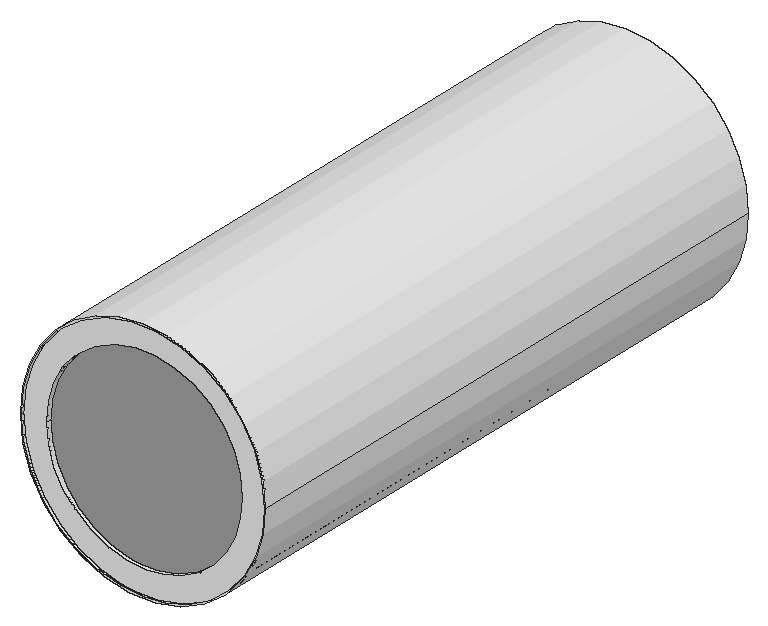
Revit family "02.Wichmann Kabelbox WD90 rund_WAND", category Mechanical Equipment, host Wall, Revit 2018
Family settings
  Host = Wall
  Round Connector Dimension = Use Diameter
  Classification = None
  Part Type = Normal
  OmniClass Number = 23.30.20.00
  OmniClass Title = Windows
  Always vertical = Yes
  Cut with Voids When Loaded = No
  Shared = No
  Room Calculation Point = No
Parameters (values of type "Kabelbox WD90 rund, 110x270 mm")
  Werkstoff = Stahl
  HAN = "00R110"
  Durchmesser_1 = Durchmesser - 1 mm  # 109 mm
  Durchmesser = 110 mm
  Diameter inside = 88 mm
  Durchmesser Rohbau = 130 mm
  Bautiefe = 270 mm
Types (13, lengths in mm): name | HAN | Durchmesser_1 | Durchmesser | Diameter inside | Durchmesser Rohbau
  Kabelbox WD90 rund, 70x270 mm | "00R70" | 69 | 70 | 56 | 90
  Kabelbox WD90 rund, 80x270 mm | "00R80" | 79 | 80 | 64 | 100
  Kabelbox WD90 rund, 90x270 mm | "00R90" | 89 | 90 | 72 | 110
  Kabelbox WD90 rund, 100x270 mm | "00R100" | 99 | 100 | 80 | 120
  Kabelbox WD90 rund, 110x270 mm | "00R110" | 109 | 110 | 88 | 130
  Kabelbox WD90 rund, 120x270 mm | "00R120" | 119 | 120 | 96 | 140
  Kabelbox WD90 rund, 130x270 mm | "00R130" | 129 | 130 | 104 | 150
  Kabelbox WD90 rund, 140x270 mm | "00R140" | 139 | 140 | 112 | 160
  Kabelbox WD90 rund, 150x270 mm | "00R150" | 149 | 150 | 120 | 170
  Kabelbox WD90 rund, 180x270 mm | "00R180" | 179 | 180 | 144 | 200
  Kabelbox WD90 rund, 200x270 mm | "00R200" | 199 | 200 | 160 | 220
  Kabelbox WD90 rund, 230x270 mm | "00R230" | 229 | 230 | 184 | 250
  Kabelbox WD90 rund, 250x270 mm | "00R250" | 249 | 250 | 200 | 270
Reference planes
  plane 1 "Wall": y = 0
  plane 2 "Center (Left/Right)": x = 125
  plane 3 "Back": y = 75
  plane 4: z = 593.569
  plane 5: y = 135
  plane 6: y = -135
  plane 7: x = 60
  plane 8: x = 190
  plane 9: x = 70
  plane 10: x = 180
  plane 11: z = 648.569
  plane 12: z = 538.569
Forms (mm)
  Extrusion 1, solid, not visible
    sketch origin (81, 0, 597.569) x (0, 0, -1) y (0, 1, 0)
      loop
        line (0, -134) -> (1.043, -134) -> (1.043, -133.063) -> (12.5, -130.97) -> (12.5, -130) -> (0, -130) -> (0, -134)
    from 0 to 88
  Extrusion 2, solid, not visible
    sketch origin (81, 0, 539.569) x (0, 0, 1) y (0, -1, 0)
      loop
        line (0, 134) -> (0, 130) -> (12.5, 130) -> (12.5, 130.97) -> (1.043, 133.063) -> (1.043, 134) -> (0, 134)
    from 0 to 88
  Extrusion 3, solid, not visible
    sketch origin (169, 0, 521.819) x (-1, 0, 0) y (0, -1, 0)
      loop
        line (0, 134) -> (0, 130) -> (14, 130) -> (14, 130.969) -> (1.043, 133.062) -> (1.043, 134) -> (0, 134)
    from 17.75 to 75.75
  Extrusion 4, solid, not visible
    sketch origin (81, 0, 521.819) x (1, 0, 0) y (0, 1, 0)
      loop
        line (0, -134) -> (1.043, -134) -> (1.043, -133.04) -> (14, -130.947) -> (14, -130) -> (0, -130) -> (0, -134)
    from 17.75 to 75.75
  Extrusion 5, solid, material "Brandschutzeinlage", not visible, detail levels medium+fine
    sketch origin (81, 2.5, 597.569) x (0, 0, -1) y (0, 1, 0)
      loop
        line (0, -151.5) -> (1.043, -151.5) -> (1.043, -150.563) -> (12.5, -148.47) -> (12.5, -147.5) -> (0, -147.5) -> (0, -151.5)
    from 0 to 88
  Extrusion 6, solid, material "Brandschutzeinlage", not visible, detail levels medium+fine
    sketch origin (81, 2.5, 539.569) x (0, 0, 1) y (0, -1, 0)
      loop
        line (0, 151.5) -> (0, 147.5) -> (12.5, 147.5) -> (12.5, 148.47) -> (1.043, 150.563) -> (1.043, 151.5) -> (0, 151.5)
    from 0 to 88
  Extrusion 7, solid, material "Brandschutzeinlage", not visible, detail levels medium+fine
    sketch origin (169, 2.5, 521.819) x (-1, 0, 0) y (0, -1, 0)
      loop
        line (0, 151.5) -> (0, 147.5) -> (14, 147.5) -> (14, 148.469) -> (1.043, 150.562) -> (1.043, 151.5) -> (0, 151.5)
    from 17.75 to 75.75
  Extrusion 8, solid, material "Brandschutzeinlage", not visible, detail levels medium+fine
    sketch origin (81, 2.5, 521.819) x (1, 0, 0) y (0, 1, 0)
      loop
        line (0, -151.5) -> (1.043, -151.5) -> (1.043, -150.54) -> (14, -148.447) -> (14, -147.5) -> (0, -147.5) -> (0, -151.5)
    from 17.75 to 75.75
  Extrusion 9, solid, material "EasyFoam"
    sketch origin (0, 0, 0) x (1, 0, 0) y (0, 0, 1)
      loop
        circle (125, 593.569) r 44
    from -132 to 132
  Extrusion 10, solid, material "Stahl" <- "Werkstoff"
    sketch origin (0, 0, 0) x (1, 0, 0) y (0, 0, 1)
      loop
        circle (125, 593.569) r 55
      loop
        circle (125, 593.569) r 54.5
    from -135 to 135
  Extrusion 11, solid, material "Brandschutzeinlage"
    sketch origin (0, 0, 0) x (1, 0, 0) y (0, 0, 1)
      loop
        circle (125, 593.569) r 54.5
      loop
        circle (125, 593.569) r 44
    from -134 to 134
Lines and regions (mm)
  Opening 1
    outline origin (-5000, -75, 0) x (1, 0, 0) y (0, 0, 1)
      loop
        circle (5125, 593.569) r 65
Text (mm)
  text "Placement Side" at (-1848.837, 1116.779, 0), in view "Ref. Level"
  text "Placement side" at (0, 1409.804, 2854.306), in view "Left"
  text "Placement side" at (0, 499.811, 2980.732), in view "Right"
Dimensions and locks
  locked: plane 3 "Back" to host wall
  equal spacing: plane 5, plane 1 "Wall", plane 6
  "Bautiefe": plane 5 to plane 6
  locked: plane 5 to Extrusion 11 at 1
  locked: Extrusion 11 to plane 6 at 1
  locked: Extrusion 9 to plane 6 at 3
  locked: plane 5 to Extrusion 9 at 3
  level to plane 4 = 593.569 mm
  equal spacing: plane 7, plane 2 "Center (Left/Right)", plane 8
  "Durchmesser Rohbau": plane 7 to plane 8
  plane 4 to level = 593.569 mm
  equal spacing: plane 9, plane 2 "Center (Left/Right)", plane 10
  "Durchmesser": plane 9 to plane 10
  equal spacing: plane 12, plane 4, plane 11
  "Durchmesser": plane 11 to plane 12
  "Durchmesser Rohbau": diameter of Opening 1 sketch curve
  "Diameter inside": diameter of Extrusion 9 sketch curve
  "Durchmesser": diameter of Extrusion 10 sketch curve
  "Durchmesser_1": diameter of Extrusion 10 sketch curve
  "Diameter inside": diameter of Extrusion 11 sketch curve
  "Durchmesser_1": diameter of Extrusion 11 sketch curve
  aligned and locked: plane 1 "Wall" to host wall
  aligned and locked: Extrusion 10 to plane 5
  aligned and locked: Extrusion 10 to plane 6
  aligned and locked: host wall to nested 1  (x2)
  aligned and locked: plane 9 to nested 1
  aligned and locked: plane 10 to nested 1
  aligned and locked: nested 2 to host wall
  aligned and locked: plane 11 to nested 2
  aligned and locked: plane 6 to nested 2
  aligned and locked: plane 12 to nested 2
  aligned and locked: nested 3 to plane 9
  aligned and locked: nested 3 to plane 12
  aligned and locked: nested 3 to plane 11
  aligned and locked: nested 3 to plane 10
Automatic sketch dimensions
  Extrusion 1 sketch curve to Extrusion 1 sketch curve = 0.97 mm
  Extrusion 2 sketch curve to Extrusion 2 sketch curve = 1.043 mm
  Extrusion 2 sketch curve to Extrusion 2 sketch curve = 0.97 mm
  Extrusion 2 sketch curve to Extrusion 2 sketch curve = 0.937 mm
  Extrusion 3 sketch curve to Extrusion 3 sketch curve = 1.043 mm
  Extrusion 3 sketch curve to Extrusion 3 sketch curve = 0.969 mm
  Extrusion 3 sketch curve to Extrusion 3 sketch curve = 0.938 mm
  Extrusion 4 sketch curve to Extrusion 4 sketch curve = 0.96 mm
  Extrusion 4 sketch curve to Extrusion 4 sketch curve = 1.043 mm
  Extrusion 4 sketch curve to Extrusion 4 sketch curve = 12.957 mm
  Extrusion 4 sketch curve to Extrusion 4 sketch curve = 2.093 mm
  Extrusion 4 sketch curve to Extrusion 4 sketch curve = 3.04 mm
  Extrusion 1 sketch curve to Extrusion 1 sketch curve = 1.043 mm
  Extrusion 1 sketch curve to Extrusion 1 sketch curve = 11.457 mm
  Extrusion 1 sketch curve to Extrusion 1 sketch curve = 0.937 mm
  Extrusion 1 sketch curve to Extrusion 1 sketch curve = 2.093 mm
  Extrusion 2 sketch curve to Extrusion 2 sketch curve = 11.457 mm
  Extrusion 2 sketch curve to Extrusion 2 sketch curve = 3.063 mm
  Extrusion 3 sketch curve to Extrusion 3 sketch curve = 12.957 mm
  Extrusion 3 sketch curve to Extrusion 3 sketch curve = 3.062 mm
  Extrusion 5 sketch curve to Extrusion 5 sketch curve = 0.97 mm
  Extrusion 6 sketch curve to Extrusion 6 sketch curve = 1.043 mm
  Extrusion 6 sketch curve to Extrusion 6 sketch curve = 0.97 mm
  Extrusion 6 sketch curve to Extrusion 6 sketch curve = 0.937 mm
  Extrusion 7 sketch curve to Extrusion 7 sketch curve = 1.043 mm
  Extrusion 7 sketch curve to Extrusion 7 sketch curve = 0.969 mm
  Extrusion 7 sketch curve to Extrusion 7 sketch curve = 0.938 mm
  Extrusion 8 sketch curve to Extrusion 8 sketch curve = 0.96 mm
  Extrusion 8 sketch curve to Extrusion 8 sketch curve = 1.043 mm
  Extrusion 8 sketch curve to Extrusion 8 sketch curve = 12.957 mm
  Extrusion 8 sketch curve to Extrusion 8 sketch curve = 2.093 mm
  Extrusion 8 sketch curve to Extrusion 8 sketch curve = 3.04 mm
  Extrusion 5 sketch curve to Extrusion 5 sketch curve = 1.043 mm
  Extrusion 5 sketch curve to Extrusion 5 sketch curve = 11.457 mm
  Extrusion 5 sketch curve to Extrusion 5 sketch curve = 0.937 mm
  Extrusion 5 sketch curve to Extrusion 5 sketch curve = 2.093 mm
  Extrusion 6 sketch curve to Extrusion 6 sketch curve = 11.457 mm
  Extrusion 6 sketch curve to Extrusion 6 sketch curve = 3.063 mm
  Extrusion 7 sketch curve to Extrusion 7 sketch curve = 12.957 mm
  Extrusion 7 sketch curve to Extrusion 7 sketch curve = 3.062 mm
  Opening 1 sketch curve to plane 2 "Center (Left/Right)" = 0 mm
  Opening 1 sketch curve to plane 4 = 0 mm
  Extrusion 9 sketch curve to plane 2 "Center (Left/Right)" = 0 mm
  Extrusion 9 sketch curve to plane 4 = 0 mm
  Extrusion 10 sketch curve to Extrusion 10 sketch curve = 0 mm  (x2)
  Extrusion 10 sketch curve to plane 2 "Center (Left/Right)" = 0 mm
  Extrusion 10 sketch curve to plane 4 = 0 mm
  Extrusion 11 sketch curve to Extrusion 11 sketch curve = 0 mm  (x2)
  Extrusion 11 sketch curve to plane 2 "Center (Left/Right)" = 0 mm
  Extrusion 11 sketch curve to plane 4 = 0 mm
Nested families
  nested 1: "Side" at (125, 0, 0), type "Side"
    with h 150 mm, b 110 mm
  nested 2: "Side" at (125, -30, 593.569) x (0, -1, 0) z (1, 0, 0), type "Side"
    with h 110 mm, b 210 mm
  nested 3: "RoundFront" at (125, 0, 593.569) x (0, 0, -1) z (0, -1, 0), type "RoundFront"
    with b 110 mm
Definition of nested family "Side"
  Parameters (values of type "Side")
    h [instance] = 433.181 mm
    b [instance] = 613.979 mm
  Reference planes
    plane 1 "Center (Front/Back)": y = 0
    plane 2: z = 0
    plane 3 "Center (Left/Right)": x = 0
    plane 4: y = 216.59
    plane 5: x = -306.99
    plane 6: x = 306.99
    plane 7: y = -216.59
  Lines and regions (mm)
    detail lines, in view "Ref. Level"
      curve 1: line (-306.99, 216.59, 0) -> (306.99, 216.59, 0)
      curve 2: line (-306.99, -216.59, 0) -> (-306.99, 216.59, 0)
      curve 3: line (306.99, -216.59, 0) -> (-306.99, -216.59, 0)
      curve 4: line (306.99, 216.59, 0) -> (306.99, -216.59, 0)
      curve 5: line (306.99, -216.59, 0) -> (-306.99, 216.59, 0)
      curve 6: line (-306.99, -216.59, 0) -> (306.99, 216.59, 0)
  Dimensions and locks
    equal spacing: plane 4, plane 1 "Center (Front/Back)", plane 7
    "h": plane 4 to plane 7
    equal spacing: plane 5, plane 3 "Center (Left/Right)", plane 6
    "b": plane 5 to plane 6
    aligned and locked: curve 3 to plane 7
    aligned and locked: plane 6 to curve 4
  Automatic sketch dimensions
    curve 1 to plane 4 = 0 mm
    curve 1 to plane 5 = 0 mm
Definition of nested family "RoundFront"
  Parameters (values of type "RoundFront")
    b [instance] = 200 mm
  Reference planes
    plane 1 "Center (Front/Back)": y = 0
    plane 2: z = 0
    plane 3 "Center (Left/Right)": x = 0
    plane 4: y = 100
    plane 5: x = -100
    plane 6: x = 100
    plane 7: y = -100
    plane 8: through (-306.99, -306.99, 4000) normal (-0.7071, 0.7071, 0)
    plane 9: through (-306.99, 306.99, 4000) normal (0.7071, 0.7071, 0)
  Lines and regions (mm)
    detail lines, in view "Ref. Level"
      curve 1: circle (0, 0, 0) r 100 normal (0, 0, 1)
      curve 2: line (-70.711, -70.711, 0) -> (70.711, 70.711, 0)
      curve 3: line (-70.711, 70.711, 0) -> (70.711, -70.711, 0)
  Dimensions and locks
    equal spacing: plane 4, plane 1 "Center (Front/Back)", plane 7
    "b": plane 4 to plane 7
    equal spacing: plane 5, plane 3 "Center (Left/Right)", plane 6
    "b": plane 5 to plane 6
    curve 2 to curve 2 = 200 mm
    curve 3 to curve 3 = 200 mm
    equal spacing: curve 3, curve 2, curve 3
    equal spacing: curve 2, curve 3, curve 2
    "b": diameter of curve 1
    locked: plane 9 to plane 1 "Center (Front/Back)" (angle 45.00°)
    locked: plane 1 "Center (Front/Back)" to plane 8 (angle 45.00°)
    aligned and locked: curve 3 to plane 9
    aligned and locked: curve 2 to plane 8
